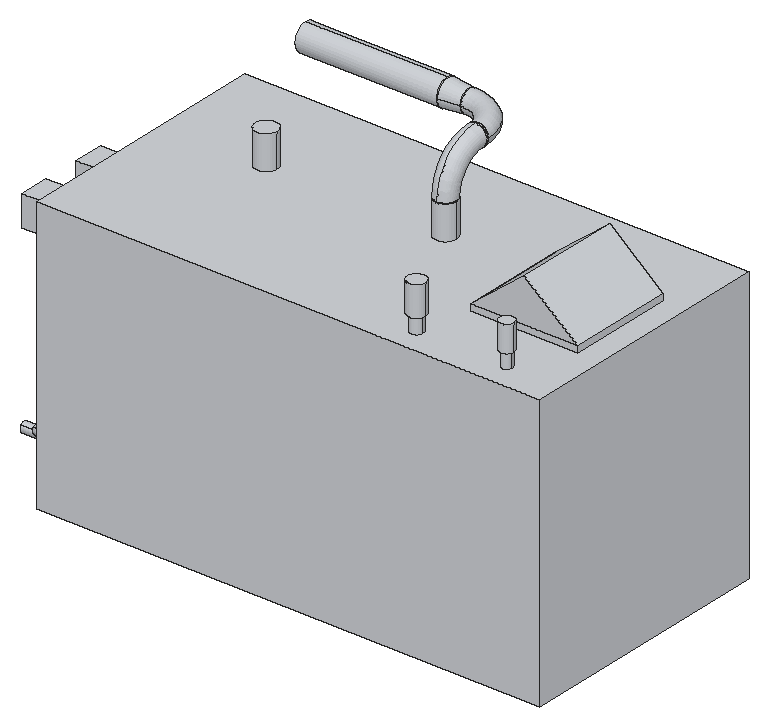
Revit family "AMP_BFIT 1500 Water Heater Dual Fuel 1", category Mechanical Equipment, Revit 2021
Family settings
  Round Connector Dimension = Use Diameter
  Part Type = Normal
  OmniClass Number = 23.75.00.00
  OmniClass Title = Climate Control (HVAC)
  Work Plane-Based = No
  Always vertical = Yes
  Cut with Voids When Loaded = No
  Shared = No
  Room Calculation Point = No
Parameters (values of type "AMP/BFIT 1500 Water Heater Dual Fuel")
  Width = 34 1/4"
  Length = 66 1/8"
  Height = 36 1/8"
  Voltage = ""
  Vent = "8\" EZ Vent"
  Manufacturer = "Bryan Steam"  # constant formula
  Hydronic Supply = "3\" Victaulic"
  Hydronic Return = "2-1/2\" Victaulic"
  Gas Train (Propane) = "1\" NPT"
  Gas Train (Natural Gas) = "1-1/4\" NPT"
  Default Elevation = 0"
  Condensate Trap = "1\" Pipe"
  Boiler Drain = "3/4\" NPT"
  Air Supply = "8\""
Reference planes (in)
  plane 1 "Center (Front/Back)": y = 0
  plane 2: z = 0
  plane 3 "Center (Left/Right)": x = 0
  plane 4 "Vent": y = 3.75
  plane 5 "Condensate Trap": y = -12
  plane 6 "Supply 2.5" Victualic Elbow Style 10": x = 3.9725
  plane 7 "3" Supply Manifold": z = 45.625
  plane 8 "3" Supply Elbow Victaulic Style 10": y = 14
  plane 9 "Condensate Height": z = 5.75
  plane 10 "Condensate Angle": through (0, -12, 5.75) normal (0, -0.6203, -0.7843)
Forms (in)
  Extrusion 1, solid
    sketch origin (0, 0, 0) x (1, 0, 0) y (0, 1, 0)
      loop
        line (-33.0625, 17.125) -> (-33.0625, -17.125) -> (33.0625, -17.125) -> (33.0625, 17.125) -> (-33.0625, 17.125)
    from 0 to 36.125
  Extrusion 2, solid
    sketch origin (0, 0, 36.125) x (1, 0, 0) y (0, 1, 0)
      loop
        line (15.9665, 6.875) -> (15.9665, -7.125) -> (30.0625, -7.125) -> (30.0625, 6.875) -> (15.9665, 6.875)
    from 0 to 0.85156
  Extrusion 3, solid
    sketch origin (30.0625, -7.125, 36.125) x (-1, 0, 0) y (0, 0, -1)
      loop
        line (14.096, -0.85156) -> (0, -0.85156) -> (7.048, -6.57727) -> (14.096, -0.85156)
    from 0 to -14
  Extrusion 4, solid
    sketch origin (0, 0, 36.125) x (1, 0, 0) y (0, 1, 0)
      loop
        circle (-19.5625, 3.75) r 1.4375
      loop
        circle (3.9725, 3.75) r 1.4375
    from 0 to 4.375
  Extrusion 5, solid
    sketch origin (-33.0625, -17.125, 0) x (0, 1, 0) y (0, 0, -1)
      loop
        circle (28.125, -11.125) r 3.9375
      loop
        circle (28.125, -11.125) r 3.71875
    from 0 to 6.25
  Sweep 6, solid
    path origin (3.9725, 0, 0) x (0, 1, 0) y (0, 0, 1)
      loop
        line (3.75, 40.5) -> (3.75, 40.625)
        arc (3.75, 40.625) -> (5.21447, 44.16053) -> (8.75, 45.625) r 5
        line (8.75, 45.625) -> (8.87786, 45.625)
    profile origin (3.9725, 3.75, 40.5625) x (0, -1, 0) y (1, 0, 0)
      loop
        circle (0, 0) r 1.41931
  Sweep 7, solid
    path origin (0, 0, 45.625) x (1, 0, 0) y (0, 1, 0)
      loop
        line (3.9725, 8.87786) -> (3.9725, 9.00286)
        arc (3.9725, 9.00286) -> (2.50803, 12.53839) -> (-1.0275, 14.00286) r 5
        line (-1.0275, 14.00286) -> (-1.1525, 14.00286)
    profile origin (3.9725, 8.94036, 45.625) x (-1, 0, 0) y (0, 0, 1)
      loop
        circle (0, 0) r 1.42969
  SweptBlend 8, solid
    path origin (0, 0, 45.625) x (1, 0, 0) y (0, 1, 0)
      loop
        line (-1.1525, 12.75286) -> (-3.9525, 12.75286)
    profile origin (-1.1525, 12.75286, 45.625) x (0, -1, 0) y (0, 0, 1)
      loop
        circle (-1.24714, 0) r 1.42969
    end profile origin (-3.9525, 12.75286, 45.625) x (0, -1, 0) y (0, 0, 1)
      loop
        circle (-1.24714, 0) r 1.75
  Extrusion 9, solid
    sketch origin (-3.9525, 14, 45.625) x (0, 0, -1) y (0, -1, 0)
      loop
        circle (0, -0.00256) r 1.75249
    from 0 to 18.60938
  Extrusion 10, solid
    sketch origin (-33.0625, -17.125, 0) x (0, 1, 0) y (0, 0, -1)
      loop
        line (13.595, -35.9375) -> (13.595, -31.9375) -> (9.595, -31.9375) -> (9.595, -35.9375) -> (13.595, -35.9375)
      loop
        line (4.72, -35.937) -> (4.72, -31.937) -> (0.72, -31.937) -> (0.72, -35.937) -> (4.72, -35.937)
    from 0 to 2.48047
  Revolve 11, solid
    sketch origin (0, 3.75, 0) x (-1, 0, 0) y (0, 0, 1)
      loop
        line (39.4375, 25.375) -> (39.22711, 29.38949) -> (31.98705, 29.01006) -> (32.19744, 24.99556) -> (39.4375, 25.375)
      axis (32.19744, 24.99556) -> (39.4375, 25.375)
    angle from 0 to 360
  Extrusion 12, solid
    sketch origin (-33.0625, -17.125, 0) x (0, 1, 0) y (0, 0, -1)
      loop
        circle (20.875, -32.125) r 0.525
    from 0 to 1.125
  Extrusion 13, solid
    sketch origin (0, 0, 36.125) x (1, 0, 0) y (0, 1, 0)
      loop
        circle (14.1875, -13.75) r 0.83
    from 0 to 2.125
  Extrusion 14, solid
    sketch origin (0, 0, 38.25) x (1, 0, 0) y (0, 1, 0)
      loop
        circle (14.1875, -13.75) r 1.1875
    from 0 to 3.875
  Extrusion 15, solid
    sketch origin (-34.1875, -17.125, 0) x (0, 1, 0) y (0, 0, -1)
      loop
        circle (20.875, -32.125) r 0.75
    from 0 to 2.375
  Extrusion 16, solid
    sketch origin (0, 0, 36.125) x (1, 0, 0) y (0, 1, 0)
      loop
        circle (26.0625, -13.75) r 0.6575
    from 0 to 2
  Extrusion 17, solid
    sketch origin (0, 0, 38.125) x (1, 0, 0) y (0, 1, 0)
      loop
        circle (26.0625, -13.75) r 0.9375
    from 0 to 3.375
  Sweep 18, solid
    path origin (0, -3.92521, -0.63625) x (0, -0.784343, 0.620327) y (-1, 0, 0)
      loop
        line (10.29874, 33.0625) -> (10.29874, 36)
        arc (10.29874, 36) -> (9.8594, 37.06066) -> (8.79874, 37.5) r 1.5
        line (8.79874, 37.5) -> (5.92374, 37.5)
        arc (5.92374, 37.5) -> (4.86308, 37.93934) -> (4.42374, 39) r 1.5
        line (4.42374, 39) -> (4.42374, 42.4375)
    profile origin (-34.53125, -12.00296, 5.75234) x (0, 0.784343, -0.620327) y (0, -0.620327, -0.784343)
      loop
        circle (0, 0) r 0.6575
  Extrusion 19, solid
    sketch origin (-33.0625, -17.125, 0) x (0, 1, 0) y (0, 0, -1)
      loop
        line (33.9375, -16.9375) -> (33.9375, -5.3125) -> (22.3125, -5.3125) -> (22.3125, -16.9375) -> (33.9375, -16.9375)
    from 0 to 4.625
Dimensions and locks (in)
  "Height": Extrusion 1 to level
  equal spacing: Extrusion 1 sketch curve, plane 3 "Center (Left/Right)", Extrusion 1 sketch curve
  "Length": Extrusion 1 sketch curve to Extrusion 1 sketch curve
  equal spacing: Extrusion 1 sketch curve, plane 1 "Center (Front/Back)", Extrusion 1 sketch curve
  "Width": Extrusion 1 sketch curve to Extrusion 1 sketch curve
  Extrusion 2 sketch curve to Extrusion 1 = 3"
  locked: Extrusion 2 sketch curve to Extrusion 2 sketch curve at 14.096
  locked: Extrusion 2 sketch curve to Extrusion 2 sketch curve at 14
  locked: Extrusion 2 sketch curve to Extrusion 1 at 10
  locked: Extrusion 1 to Extrusion 4 sketch curve at 13.375  (x2)
  equal spacing: Extrusion 1, Extrusion 4 sketch curve, Extrusion 4 sketch curve
  Extrusion 4 sketch curve to Extrusion 4 sketch curve = 23.535"
  locked: Extrusion 1 to Extrusion 5 sketch curve at 11.125  (x2)
  locked: Extrusion 1 to Extrusion 5 sketch curve at 6.125
  level to plane 7 "3" Supply Manifold" = 45 5/8"
  locked: Sweep 7 sketch curve to Sweep 7 sketch curve at 5.125
  locked: SweptBlend 8 sketch curve to SweptBlend 8 sketch curve at 2.8
  SweptBlend 8 sketch curve to Sweep 7 = 0"
  plane 3 "Center (Left/Right)" to plane 6 "Supply 2.5" Victualic Elbow Style 10" = 3.9725"
  locked: plane 8 "3" Supply Elbow Victaulic Style 10" to plane 1 "Center (Front/Back)" at 14
  locked: plane 4 "Vent" to plane 1 "Center (Front/Back)" at 3.75
  locked: plane 5 "Condensate Trap" to plane 1 "Center (Front/Back)" at 12
  locked: Extrusion 10 sketch curve to Extrusion 10 sketch curve at 4  (x4)
  locked: Revolve 11 sketch curve to Revolve 11 sketch curve at 4.02
  Extrusion 1 to Extrusion 12 sketch curve = 32 1/8"
  Extrusion 1 to Extrusion 12 sketch curve = 13 3/8"
  locked: Extrusion 1 to Extrusion 13 sketch curve at 3.375
  locked: Extrusion 13 sketch curve to Extrusion 1 at 18.875
  locked: Extrusion 1 to Extrusion 14 sketch curve at 3.375
  locked: Extrusion 14 sketch curve to Extrusion 1 at 18.875
  locked: Extrusion 1 to Extrusion 15 sketch curve at 4
  locked: Extrusion 1 to Extrusion 15 sketch curve at 13.375
  locked: Extrusion 1 to SweptBlend 8 sketch curve at 3.125  (x2)
  locked: SweptBlend 8 sketch curve to Extrusion 1 at 9.5  (x2)
  Sweep 7 sketch curve to Sweep 7 sketch curve = 5 1/8"
  locked: Sweep 6 sketch curve to Sweep 6 sketch curve at 0.125
  locked: Sweep 6 sketch curve to Extrusion 4 at 0.125
  locked: Sweep 6 sketch curve to Extrusion 1 at 8.375
  locked: Extrusion 1 to Extrusion 16 sketch curve at 3.375
  locked: Extrusion 16 sketch curve to Extrusion 1 at 7
  locked: Extrusion 1 to Extrusion 17 sketch curve at 3.375
  locked: Extrusion 17 sketch curve to Extrusion 1 at 7
  locked: plane 9 "Condensate Height" to level at 5.75
  locked: Sweep 18 sketch curve to Extrusion 1 at 4.4375
  locked: Sweep 18 sketch curve to Extrusion 1 at 9.375
  locked: Sweep 18 sketch curve to Sweep 18 sketch curve at 5.875
  locked: Extrusion 19 sketch curve to Extrusion 19 sketch curve at 11.625  (x2)
  locked: Extrusion 1 to Extrusion 19 sketch curve at 0.3125
  locked: Extrusion 19 sketch curve to Extrusion 1 at 5.3125
  diameter of Extrusion 5 sketch curve = 7 7/16"
  diameter of Extrusion 5 sketch curve = 7 7/8"
  diameter of Extrusion 13 sketch curve = 1.66"
  diameter of Extrusion 14 sketch curve = 2 3/8"
  diameter of Extrusion 15 sketch curve = 1 1/2"
  diameter of SweptBlend 8 sketch curve = 2 55/64"
  diameter of SweptBlend 8 sketch curve = 3 1/2"
  diameter of Sweep 7 sketch curve = 10"
  diameter of Sweep 6 sketch curve = 10"
  diameter of Extrusion 16 sketch curve = 1.315"
  diameter of Extrusion 17 sketch curve = 1 7/8"
  diameter of Sweep 18 sketch curve = 1.315"
  locked: plane 9 "Condensate Height" to plane 10 "Condensate Angle" (angle 38.34°)
  aligned and locked: level to plane 2
Automatic sketch dimensions
  Extrusion 3 sketch curve to Extrusion 2 = 0"  (x3)
  Extrusion 3 sketch curve to Extrusion 2 = 7.048"
  Extrusion 3 sketch curve to Extrusion 2 = 5.72571"
  Extrusion 5 sketch curve to Extrusion 5 sketch curve = 0"
  Sweep 6 sketch curve to plane 6 "Supply 2.5" Victualic Elbow Style 10" = 0"
  Sweep 6 sketch curve to profile plane = 0"
  Sweep 7 sketch curve to plane 7 "3" Supply Manifold" = 0"
  Sweep 7 sketch curve to profile plane = 0"
  plane 4 "Vent" to SweptBlend 8 sketch curve = 9.00286"
  Revolve 11 sketch curve to Revolve 11 sketch curve = 0.37944"
  Revolve 11 sketch curve to Revolve 11 sketch curve = 0"  (x2)
  Extrusion 4 sketch curve to Extrusion 1 = 13 1/2"
  Extrusion 1 to Extrusion 10 sketch curve = 0.188"
  Extrusion 10 sketch curve to Extrusion 1 = 0.72"
  Extrusion 1 to Extrusion 10 sketch curve = 3/16"
  Extrusion 10 sketch curve to Extrusion 10 sketch curve = 4 7/8"
  Revolve 11 sketch curve to plane 3 "Center (Left/Right)" = 31.98705"
  Revolve 11 sketch curve to plane 7 "3" Supply Manifold" = 20.62944"
  Revolve 11 sketch curve to Revolve 11 sketch curve = 0.21039"
  Revolve 11 sketch curve to plane 7 "3" Supply Manifold" = 21.07429"
  Sweep 7 sketch curve to plane 6 "Supply 2.5" Victualic Elbow Style 10" = 0"
  plane 8 "3" Supply Elbow Victaulic Style 10" to Sweep 7 sketch curve = 0.00286"
  Sweep 6 sketch curve to Sweep 6 sketch curve = 0.12786"
  Sweep 18 sketch curve to plane 3 "Center (Left/Right)" = 39"
  Sweep 18 sketch curve to Sweep 18 sketch curve = 2 7/8"
  Sweep 18 sketch curve to Sweep 18 sketch curve = 2 15/16"
  plane 10 "Condensate Angle" to Sweep 18 sketch curve = 0"
  Sweep 18 sketch curve to profile plane = 0"
  radius of Sweep 6 sketch curve = 1.41931"
  radius of Sweep 7 sketch curve = 1 55/128"
  radius of Extrusion 9 sketch curve = 1.75249"
  radius of Extrusion 4 sketch curve = 1 7/16"  (x2)
  radius of Extrusion 12 sketch curve = 0.525"
Connectors (in)
  piping at (-19.5625, 3.75, 40.5), diameter 2.5
    settings: on Extrusion 4, index 2, connector inside diameter 24", connector length 0", flow factor 0, pipe flow 0 GPM, pressure drop 0.00 psi, fitting loss kfactor 0, connector angle 0.00°, fixture units 0, engagement length 0", angle of deflection 0.00°, flow configuration 0, flow direction 1, fitting loss method 0, system type 8, joint type 0, gender type 0, connector reference index -1, connector utility 0, adjustable connector no, is connector primary yes, connector description ""
  piping at (-39.3125, 11, 11.125), diameter 8
    settings: on Extrusion 5, index 4, connector inside diameter 24", connector length 0", flow factor 0, pipe flow 0 GPM, pressure drop 0.00 psi, fitting loss kfactor 0, connector angle 0.00°, fixture units 0, engagement length 0", angle of deflection 0.00°, flow configuration 0, flow direction 1, fitting loss method 0, system type 22, joint type 0, gender type 0, connector reference index -1, connector utility 0, adjustable connector no, is connector primary no, connector description ""
  piping at (-39.4375, 3.75, 25.375), diameter 8
    settings: on Revolve 11, index 5, connector inside diameter 24", connector length 0", flow factor 0, pipe flow 0 GPM, pressure drop 0.00 psi, fitting loss kfactor 0, connector angle 0.00°, fixture units 0, engagement length 0", angle of deflection 0.00°, flow configuration 0, flow direction 2, fitting loss method 0, system type 17, joint type 0, gender type 0, connector reference index -1, connector utility 0, adjustable connector no, is connector primary no, connector description ""
  piping at (-22.56187, 14.00256, 45.625), diameter 3
    settings: on Extrusion 9, index 8, connector inside diameter 24", connector length 0", flow factor 0, pipe flow 0 GPM, pressure drop 0.00 psi, fitting loss kfactor 0, connector angle 0.00°, fixture units 0, engagement length 0", angle of deflection 0.00°, flow configuration 0, flow direction 2, fitting loss method 0, system type 7, joint type 0, gender type 0, connector reference index -1, connector utility 0, adjustable connector no, is connector primary no, connector description ""
  piping at (14.1875, -13.75, 42.125), diameter 1.25
    settings: on Extrusion 14, index 10, connector inside diameter 24", connector length 0", flow factor 0, pipe flow 0 GPM, pressure drop 0.00 psi, fitting loss kfactor 0, connector angle 0.00°, fixture units 0, engagement length 0", angle of deflection 0.00°, flow configuration 0, flow direction 1, fitting loss method 0, system type 22, joint type 0, gender type 0, connector reference index -1, connector utility 0, adjustable connector no, is connector primary no, connector description ""
  piping at (-36.5625, 3.75, 32.125), diameter 0.75
    settings: on Extrusion 15, index 11, connector inside diameter 24", connector length 0", flow factor 0, pipe flow 0 GPM, pressure drop 0.00 psi, fitting loss kfactor 0, connector angle 0.00°, fixture units 0, engagement length 0", angle of deflection 0.00°, flow configuration 0, flow direction 2, fitting loss method 0, system type 22, joint type 0, gender type 0, connector reference index -1, connector utility 0, adjustable connector no, is connector primary no, connector description ""
  piping at (26.0625, -13.75, 41.5), diameter 1
    settings: on Extrusion 17, index 12, connector inside diameter 24", connector length 0", flow factor 0, pipe flow 0 GPM, pressure drop 0.00 psi, fitting loss kfactor 0, connector angle 0.00°, fixture units 0, engagement length 0", angle of deflection 0.00°, flow configuration 0, flow direction 1, fitting loss method 0, system type 22, joint type 0, gender type 0, connector reference index -1, connector utility 0, adjustable connector no, is connector primary no, connector description ""
  piping at (-42.4375, -7.39494, 2.10792), diameter 1
    settings: on Sweep 18, index 13, connector inside diameter 24", connector length 0", flow factor 0, pipe flow 0 GPM, pressure drop 0.00 psi, fitting loss kfactor 0, connector angle 0.00°, fixture units 0, engagement length 0", angle of deflection 0.00°, flow configuration 0, flow direction 2, fitting loss method 0, system type 22, joint type 0, gender type 0, connector reference index -1, connector utility 0, adjustable connector no, is connector primary no, connector description ""
